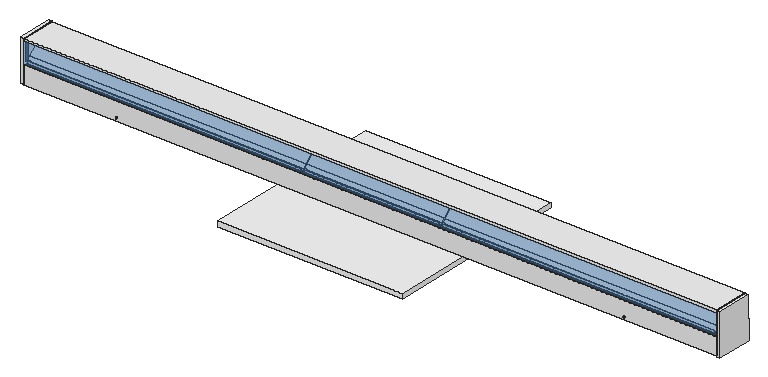
Revit family "BE_50807.1_de_DE", category Leuchten, Revit 2020 (continued)
Definition of nested family "BE_50807.1"
  Automatic sketch dimensions
    Extrusion 44 sketch curve to Extrusion 44 sketch curve = 0.739 mm  (x2)
    Extrusion 44 sketch curve to Extrusion 44 sketch curve = 27.233 mm
    Extrusion 45 sketch curve to Extrusion 45 sketch curve = 0.269 mm  (x2)
    Extrusion 45 sketch curve to Extrusion 45 sketch curve = 2.819 mm  (x2)
    Extrusion 45 sketch curve to Extrusion 45 sketch curve = 0 mm
    Extrusion 45 sketch curve to Extrusion 45 sketch curve = 0.739 mm  (x2)
    Extrusion 45 sketch curve to Extrusion 45 sketch curve = 27.233 mm
    Extrusion 46 sketch curve to Extrusion 46 sketch curve = 0.269 mm  (x2)
    Extrusion 46 sketch curve to Extrusion 46 sketch curve = 2.819 mm  (x2)
    Extrusion 46 sketch curve to Extrusion 46 sketch curve = 0 mm
    Extrusion 46 sketch curve to Extrusion 46 sketch curve = 0.739 mm  (x2)
    Extrusion 46 sketch curve to Extrusion 46 sketch curve = 27.233 mm
    Extrusion 47 sketch curve to Extrusion 47 sketch curve = 0.269 mm  (x2)
    Extrusion 47 sketch curve to Extrusion 47 sketch curve = 2.819 mm  (x2)
    Extrusion 47 sketch curve to Extrusion 47 sketch curve = 0 mm
    Extrusion 47 sketch curve to Extrusion 47 sketch curve = 0.739 mm  (x2)
    Extrusion 47 sketch curve to Extrusion 47 sketch curve = 27.233 mm
    Extrusion 48 sketch curve to Extrusion 48 sketch curve = 0.269 mm  (x2)
    Extrusion 48 sketch curve to Extrusion 48 sketch curve = 2.819 mm  (x2)
    Extrusion 48 sketch curve to Extrusion 48 sketch curve = 0 mm
    Extrusion 48 sketch curve to Extrusion 48 sketch curve = 0.739 mm  (x2)
    Extrusion 48 sketch curve to Extrusion 48 sketch curve = 27.233 mm
    Extrusion 49 sketch curve to Extrusion 49 sketch curve = 0.269 mm  (x2)
    Extrusion 49 sketch curve to Extrusion 49 sketch curve = 2.819 mm  (x2)
    Extrusion 49 sketch curve to Extrusion 49 sketch curve = 0 mm
    Extrusion 49 sketch curve to Extrusion 49 sketch curve = 0.739 mm  (x2)
    Extrusion 49 sketch curve to Extrusion 49 sketch curve = 27.233 mm
    Extrusion 50 sketch curve to Extrusion 50 sketch curve = 0.269 mm  (x2)
    Extrusion 50 sketch curve to Extrusion 50 sketch curve = 2.819 mm  (x2)
    Extrusion 50 sketch curve to Extrusion 50 sketch curve = 0 mm
    Extrusion 50 sketch curve to Extrusion 50 sketch curve = 0.739 mm  (x2)
    Extrusion 50 sketch curve to Extrusion 50 sketch curve = 27.233 mm
    Extrusion 51 sketch curve to Extrusion 51 sketch curve = 0.269 mm  (x2)
    Extrusion 51 sketch curve to Extrusion 51 sketch curve = 2.819 mm  (x2)
    Extrusion 51 sketch curve to Extrusion 51 sketch curve = 0 mm
    Extrusion 51 sketch curve to Extrusion 51 sketch curve = 0.739 mm  (x2)
    Extrusion 51 sketch curve to Extrusion 51 sketch curve = 27.233 mm
    Extrusion 52 sketch curve to Extrusion 52 sketch curve = 0.269 mm  (x2)
    Extrusion 52 sketch curve to Extrusion 52 sketch curve = 2.819 mm  (x2)
    Extrusion 52 sketch curve to Extrusion 52 sketch curve = 0 mm
    Extrusion 52 sketch curve to Extrusion 52 sketch curve = 0.739 mm  (x2)
    Extrusion 52 sketch curve to Extrusion 52 sketch curve = 27.233 mm
    Extrusion 53 sketch curve to Extrusion 53 sketch curve = 0.269 mm  (x2)
    Extrusion 53 sketch curve to Extrusion 53 sketch curve = 2.819 mm  (x2)
    Extrusion 53 sketch curve to Extrusion 53 sketch curve = 0 mm
    Extrusion 53 sketch curve to Extrusion 53 sketch curve = 0.739 mm  (x2)
    Extrusion 53 sketch curve to Extrusion 53 sketch curve = 27.233 mm
    Extrusion 54 sketch curve to Extrusion 54 sketch curve = 0.269 mm  (x2)
    Extrusion 54 sketch curve to Extrusion 54 sketch curve = 2.819 mm  (x2)
    Extrusion 54 sketch curve to Extrusion 54 sketch curve = 0 mm
    Extrusion 54 sketch curve to Extrusion 54 sketch curve = 0.739 mm  (x2)
    Extrusion 54 sketch curve to Extrusion 54 sketch curve = 27.233 mm
    Extrusion 55 sketch curve to Extrusion 55 sketch curve = 0.269 mm  (x2)
    Extrusion 55 sketch curve to Extrusion 55 sketch curve = 2.819 mm  (x2)
    Extrusion 55 sketch curve to Extrusion 55 sketch curve = 0 mm
    Extrusion 55 sketch curve to Extrusion 55 sketch curve = 0.739 mm  (x2)
    Extrusion 55 sketch curve to Extrusion 55 sketch curve = 27.233 mm
    Extrusion 56 sketch curve to Extrusion 56 sketch curve = 0.269 mm  (x2)
    Extrusion 56 sketch curve to Extrusion 56 sketch curve = 2.819 mm  (x2)
    Extrusion 56 sketch curve to Extrusion 56 sketch curve = 0 mm
    Extrusion 56 sketch curve to Extrusion 56 sketch curve = 0.739 mm  (x2)
    Extrusion 56 sketch curve to Extrusion 56 sketch curve = 27.233 mm
    Extrusion 57 sketch curve to Extrusion 57 sketch curve = 0.269 mm  (x2)
    Extrusion 57 sketch curve to Extrusion 57 sketch curve = 2.819 mm  (x2)
    Extrusion 57 sketch curve to Extrusion 57 sketch curve = 0 mm
    Extrusion 57 sketch curve to Extrusion 57 sketch curve = 0.739 mm  (x2)
    Extrusion 57 sketch curve to Extrusion 57 sketch curve = 27.233 mm
    Extrusion 58 sketch curve to Extrusion 58 sketch curve = 0.269 mm  (x2)
    Extrusion 58 sketch curve to Extrusion 58 sketch curve = 2.819 mm  (x2)
    Extrusion 58 sketch curve to Extrusion 58 sketch curve = 0 mm
    Extrusion 58 sketch curve to Extrusion 58 sketch curve = 0.739 mm  (x2)
    Extrusion 58 sketch curve to Extrusion 58 sketch curve = 27.233 mm
    Extrusion 59 sketch curve to Extrusion 59 sketch curve = 0.269 mm  (x2)
    Extrusion 59 sketch curve to Extrusion 59 sketch curve = 2.819 mm  (x2)
    Extrusion 59 sketch curve to Extrusion 59 sketch curve = 0 mm
    Extrusion 59 sketch curve to Extrusion 59 sketch curve = 0.739 mm  (x2)
    Extrusion 59 sketch curve to Extrusion 59 sketch curve = 27.233 mm
    Extrusion 60 sketch curve to Extrusion 60 sketch curve = 0.269 mm  (x2)
    Extrusion 60 sketch curve to Extrusion 60 sketch curve = 2.819 mm  (x2)
    Extrusion 60 sketch curve to Extrusion 60 sketch curve = 0 mm
    Extrusion 60 sketch curve to Extrusion 60 sketch curve = 0.739 mm  (x2)
    Extrusion 60 sketch curve to Extrusion 60 sketch curve = 27.233 mm
    Extrusion 61 sketch curve to Extrusion 61 sketch curve = 0.269 mm  (x2)
    Extrusion 61 sketch curve to Extrusion 61 sketch curve = 2.819 mm  (x2)
    Extrusion 61 sketch curve to Extrusion 61 sketch curve = 0 mm
    Extrusion 61 sketch curve to Extrusion 61 sketch curve = 0.739 mm  (x2)
    Extrusion 61 sketch curve to Extrusion 61 sketch curve = 27.233 mm
    Extrusion 62 sketch curve to Extrusion 62 sketch curve = 0.269 mm  (x2)
    Extrusion 62 sketch curve to Extrusion 62 sketch curve = 2.819 mm  (x2)
    Extrusion 62 sketch curve to Extrusion 62 sketch curve = 0 mm
    Extrusion 62 sketch curve to Extrusion 62 sketch curve = 0.739 mm  (x2)
    Extrusion 62 sketch curve to Extrusion 62 sketch curve = 27.233 mm
    Extrusion 63 sketch curve to Extrusion 63 sketch curve = 0.269 mm  (x2)
    Extrusion 63 sketch curve to Extrusion 63 sketch curve = 2.819 mm  (x2)
    Extrusion 63 sketch curve to Extrusion 63 sketch curve = 0 mm
    Extrusion 63 sketch curve to Extrusion 63 sketch curve = 0.739 mm  (x2)
    Extrusion 63 sketch curve to Extrusion 63 sketch curve = 27.233 mm
    Extrusion 64 sketch curve to Extrusion 64 sketch curve = 0.269 mm  (x2)
    Extrusion 64 sketch curve to Extrusion 64 sketch curve = 2.819 mm  (x2)
    Extrusion 64 sketch curve to Extrusion 64 sketch curve = 0 mm
    Extrusion 64 sketch curve to Extrusion 64 sketch curve = 0.739 mm  (x2)
    Extrusion 64 sketch curve to Extrusion 64 sketch curve = 27.233 mm
    Extrusion 65 sketch curve to Extrusion 65 sketch curve = 0.269 mm  (x2)
    Extrusion 65 sketch curve to Extrusion 65 sketch curve = 2.819 mm  (x2)
    Extrusion 65 sketch curve to Extrusion 65 sketch curve = 0 mm
    Extrusion 65 sketch curve to Extrusion 65 sketch curve = 0.739 mm  (x2)
    Extrusion 65 sketch curve to Extrusion 65 sketch curve = 27.233 mm
    Extrusion 66 sketch curve to Extrusion 66 sketch curve = 0.269 mm  (x2)
    Extrusion 66 sketch curve to Extrusion 66 sketch curve = 2.819 mm  (x2)
    Extrusion 66 sketch curve to Extrusion 66 sketch curve = 0 mm
    Extrusion 66 sketch curve to Extrusion 66 sketch curve = 0.739 mm  (x2)
    Extrusion 66 sketch curve to Extrusion 66 sketch curve = 27.233 mm
    Extrusion 67 sketch curve to Extrusion 67 sketch curve = 0.269 mm  (x2)
    Extrusion 67 sketch curve to Extrusion 67 sketch curve = 2.819 mm  (x2)
    Extrusion 67 sketch curve to Extrusion 67 sketch curve = 0 mm
    Extrusion 67 sketch curve to Extrusion 67 sketch curve = 0.739 mm  (x2)
    Extrusion 67 sketch curve to Extrusion 67 sketch curve = 27.233 mm
    Extrusion 68 sketch curve to Extrusion 68 sketch curve = 0.269 mm  (x2)
    Extrusion 68 sketch curve to Extrusion 68 sketch curve = 2.819 mm  (x2)
    Extrusion 68 sketch curve to Extrusion 68 sketch curve = 0 mm
    Extrusion 68 sketch curve to Extrusion 68 sketch curve = 0.739 mm  (x2)
    Extrusion 68 sketch curve to Extrusion 68 sketch curve = 27.233 mm
    Extrusion 69 sketch curve to Extrusion 69 sketch curve = 0.269 mm  (x2)
    Extrusion 69 sketch curve to Extrusion 69 sketch curve = 2.819 mm  (x2)
    Extrusion 69 sketch curve to Extrusion 69 sketch curve = 0 mm
    Extrusion 69 sketch curve to Extrusion 69 sketch curve = 0.739 mm  (x2)
    Extrusion 69 sketch curve to Extrusion 69 sketch curve = 27.233 mm
    Extrusion 70 sketch curve to Extrusion 70 sketch curve = 0.269 mm  (x2)
    Extrusion 70 sketch curve to Extrusion 70 sketch curve = 2.819 mm  (x2)
    Extrusion 70 sketch curve to Extrusion 70 sketch curve = 0 mm
    Extrusion 70 sketch curve to Extrusion 70 sketch curve = 0.739 mm  (x2)
    Extrusion 70 sketch curve to Extrusion 70 sketch curve = 27.233 mm
    Extrusion 71 sketch curve to Extrusion 71 sketch curve = 0.269 mm  (x2)
    Extrusion 71 sketch curve to Extrusion 71 sketch curve = 2.819 mm  (x2)
    Extrusion 71 sketch curve to Extrusion 71 sketch curve = 0 mm
    Extrusion 71 sketch curve to Extrusion 71 sketch curve = 0.739 mm  (x2)
    Extrusion 71 sketch curve to Extrusion 71 sketch curve = 27.233 mm
    Extrusion 72 sketch curve to Extrusion 72 sketch curve = 0.269 mm  (x2)
    Extrusion 72 sketch curve to Extrusion 72 sketch curve = 2.819 mm  (x2)
    Extrusion 72 sketch curve to Extrusion 72 sketch curve = 0 mm
    Extrusion 72 sketch curve to Extrusion 72 sketch curve = 0.739 mm  (x2)
    Extrusion 72 sketch curve to Extrusion 72 sketch curve = 27.233 mm
    Extrusion 73 sketch curve to Extrusion 73 sketch curve = 0.269 mm  (x2)
    Extrusion 73 sketch curve to Extrusion 73 sketch curve = 2.819 mm  (x2)
    Extrusion 73 sketch curve to Extrusion 73 sketch curve = 0 mm
    Extrusion 73 sketch curve to Extrusion 73 sketch curve = 0.739 mm  (x2)
    Extrusion 73 sketch curve to Extrusion 73 sketch curve = 27.233 mm
    Extrusion 74 sketch curve to Extrusion 74 sketch curve = 0.269 mm  (x2)
    Extrusion 74 sketch curve to Extrusion 74 sketch curve = 2.819 mm  (x2)
    Extrusion 74 sketch curve to Extrusion 74 sketch curve = 0 mm
    Extrusion 74 sketch curve to Extrusion 74 sketch curve = 0.739 mm  (x2)
    Extrusion 74 sketch curve to Extrusion 74 sketch curve = 27.233 mm
    Extrusion 75 sketch curve to Extrusion 75 sketch curve = 0.269 mm  (x2)
    Extrusion 75 sketch curve to Extrusion 75 sketch curve = 2.819 mm  (x2)
    Extrusion 75 sketch curve to Extrusion 75 sketch curve = 0 mm
    Extrusion 75 sketch curve to Extrusion 75 sketch curve = 0.739 mm  (x2)
    Extrusion 75 sketch curve to Extrusion 75 sketch curve = 27.233 mm
    Extrusion 76 sketch curve to Extrusion 76 sketch curve = 0.269 mm  (x2)
    Extrusion 76 sketch curve to Extrusion 76 sketch curve = 2.819 mm  (x2)
    Extrusion 76 sketch curve to Extrusion 76 sketch curve = 0 mm
    Extrusion 76 sketch curve to Extrusion 76 sketch curve = 0.739 mm  (x2)
    Extrusion 76 sketch curve to Extrusion 76 sketch curve = 27.233 mm
    Extrusion 77 sketch curve to Extrusion 77 sketch curve = 0.269 mm  (x2)
    Extrusion 77 sketch curve to Extrusion 77 sketch curve = 2.819 mm  (x2)
    Extrusion 77 sketch curve to Extrusion 77 sketch curve = 0 mm
    Extrusion 77 sketch curve to Extrusion 77 sketch curve = 0.739 mm  (x2)
    Extrusion 77 sketch curve to Extrusion 77 sketch curve = 27.233 mm
    Extrusion 78 sketch curve to Extrusion 78 sketch curve = 0.269 mm  (x2)
    Extrusion 78 sketch curve to Extrusion 78 sketch curve = 2.819 mm  (x2)
    Extrusion 78 sketch curve to Extrusion 78 sketch curve = 0 mm
    Extrusion 78 sketch curve to Extrusion 78 sketch curve = 0.739 mm  (x2)
    Extrusion 78 sketch curve to Extrusion 78 sketch curve = 27.233 mm
    Extrusion 79 sketch curve to Extrusion 79 sketch curve = 0.269 mm  (x2)
    Extrusion 79 sketch curve to Extrusion 79 sketch curve = 2.819 mm  (x2)
    Extrusion 79 sketch curve to Extrusion 79 sketch curve = 0 mm
    Extrusion 79 sketch curve to Extrusion 79 sketch curve = 0.739 mm  (x2)
    Extrusion 79 sketch curve to Extrusion 79 sketch curve = 27.233 mm
    Extrusion 80 sketch curve to Extrusion 80 sketch curve = 0.269 mm  (x2)
    Extrusion 80 sketch curve to Extrusion 80 sketch curve = 2.819 mm  (x2)
    Extrusion 80 sketch curve to Extrusion 80 sketch curve = 0 mm
    Extrusion 80 sketch curve to Extrusion 80 sketch curve = 0.739 mm  (x2)
    Extrusion 80 sketch curve to Extrusion 80 sketch curve = 27.233 mm
    Extrusion 81 sketch curve to Extrusion 81 sketch curve = 0.269 mm  (x2)
    Extrusion 81 sketch curve to Extrusion 81 sketch curve = 2.819 mm  (x2)
    Extrusion 81 sketch curve to Extrusion 81 sketch curve = 0 mm
    Extrusion 81 sketch curve to Extrusion 81 sketch curve = 0.739 mm  (x2)
    Extrusion 81 sketch curve to Extrusion 81 sketch curve = 27.233 mm
    Extrusion 82 sketch curve to Extrusion 82 sketch curve = 0.269 mm  (x2)
    Extrusion 82 sketch curve to Extrusion 82 sketch curve = 2.819 mm  (x2)
    Extrusion 82 sketch curve to Extrusion 82 sketch curve = 0 mm
    Extrusion 82 sketch curve to Extrusion 82 sketch curve = 0.739 mm  (x2)
    Extrusion 82 sketch curve to Extrusion 82 sketch curve = 27.233 mm
    Extrusion 83 sketch curve to Extrusion 83 sketch curve = 0.269 mm  (x2)
    Extrusion 83 sketch curve to Extrusion 83 sketch curve = 2.819 mm  (x2)
    Extrusion 83 sketch curve to Extrusion 83 sketch curve = 0 mm
    Extrusion 83 sketch curve to Extrusion 83 sketch curve = 0.739 mm  (x2)
    Extrusion 83 sketch curve to Extrusion 83 sketch curve = 27.233 mm
    Extrusion 84 sketch curve to Extrusion 84 sketch curve = 0.269 mm  (x2)
    Extrusion 84 sketch curve to Extrusion 84 sketch curve = 2.819 mm  (x2)
    Extrusion 84 sketch curve to Extrusion 84 sketch curve = 0 mm
    Extrusion 84 sketch curve to Extrusion 84 sketch curve = 0.739 mm  (x2)
    Extrusion 84 sketch curve to Extrusion 84 sketch curve = 27.233 mm
    Extrusion 85 sketch curve to Extrusion 85 sketch curve = 0.269 mm  (x2)
    Extrusion 85 sketch curve to Extrusion 85 sketch curve = 2.819 mm  (x2)
    Extrusion 85 sketch curve to Extrusion 85 sketch curve = 0 mm
    Extrusion 85 sketch curve to Extrusion 85 sketch curve = 0.739 mm  (x2)
    Extrusion 85 sketch curve to Extrusion 85 sketch curve = 27.233 mm
    Extrusion 86 sketch curve to Extrusion 86 sketch curve = 0.269 mm  (x2)
    Extrusion 86 sketch curve to Extrusion 86 sketch curve = 2.819 mm  (x2)
    Extrusion 86 sketch curve to Extrusion 86 sketch curve = 0 mm
    Extrusion 86 sketch curve to Extrusion 86 sketch curve = 0.739 mm  (x2)
    Extrusion 86 sketch curve to Extrusion 86 sketch curve = 27.233 mm
    Extrusion 87 sketch curve to Extrusion 87 sketch curve = 0.269 mm  (x2)
    Extrusion 87 sketch curve to Extrusion 87 sketch curve = 2.819 mm  (x2)
    Extrusion 87 sketch curve to Extrusion 87 sketch curve = 0 mm
    Extrusion 87 sketch curve to Extrusion 87 sketch curve = 0.739 mm  (x2)
    Extrusion 87 sketch curve to Extrusion 87 sketch curve = 27.233 mm
    Extrusion 88 sketch curve to Extrusion 88 sketch curve = 0.269 mm  (x2)
    Extrusion 88 sketch curve to Extrusion 88 sketch curve = 2.819 mm  (x2)
    Extrusion 88 sketch curve to Extrusion 88 sketch curve = 0 mm
    Extrusion 88 sketch curve to Extrusion 88 sketch curve = 0.739 mm  (x2)
    Extrusion 88 sketch curve to Extrusion 88 sketch curve = 27.233 mm
    Extrusion 89 sketch curve to Extrusion 89 sketch curve = 0.269 mm  (x2)
    Extrusion 89 sketch curve to Extrusion 89 sketch curve = 2.819 mm  (x2)
    Extrusion 89 sketch curve to Extrusion 89 sketch curve = 0 mm
    Extrusion 89 sketch curve to Extrusion 89 sketch curve = 0.739 mm  (x2)
    Extrusion 89 sketch curve to Extrusion 89 sketch curve = 27.233 mm
    Extrusion 90 sketch curve to Extrusion 90 sketch curve = 0.269 mm  (x2)
    Extrusion 90 sketch curve to Extrusion 90 sketch curve = 2.819 mm  (x2)
    Extrusion 90 sketch curve to Extrusion 90 sketch curve = 0 mm
    Extrusion 90 sketch curve to Extrusion 90 sketch curve = 0.739 mm  (x2)
    Extrusion 90 sketch curve to Extrusion 90 sketch curve = 27.233 mm
    Extrusion 91 sketch curve to Extrusion 91 sketch curve = 0.269 mm  (x2)
    Extrusion 91 sketch curve to Extrusion 91 sketch curve = 2.819 mm  (x2)
    Extrusion 91 sketch curve to Extrusion 91 sketch curve = 0 mm
    Extrusion 91 sketch curve to Extrusion 91 sketch curve = 0.739 mm  (x2)
    Extrusion 91 sketch curve to Extrusion 91 sketch curve = 27.233 mm
    Extrusion 92 sketch curve to Extrusion 92 sketch curve = 0.269 mm  (x2)
    Extrusion 92 sketch curve to Extrusion 92 sketch curve = 2.819 mm  (x2)
    Extrusion 92 sketch curve to Extrusion 92 sketch curve = 0 mm
    Extrusion 92 sketch curve to Extrusion 92 sketch curve = 0.739 mm  (x2)
    Extrusion 92 sketch curve to Extrusion 92 sketch curve = 27.233 mm
    Extrusion 93 sketch curve to Extrusion 93 sketch curve = 0.269 mm  (x2)
    Extrusion 93 sketch curve to Extrusion 93 sketch curve = 2.819 mm  (x2)
    Extrusion 93 sketch curve to Extrusion 93 sketch curve = 0 mm
    Extrusion 93 sketch curve to Extrusion 93 sketch curve = 0.739 mm  (x2)
    Extrusion 93 sketch curve to Extrusion 93 sketch curve = 27.233 mm
    Extrusion 94 sketch curve to Extrusion 94 sketch curve = 0.269 mm  (x2)
    Extrusion 94 sketch curve to Extrusion 94 sketch curve = 2.819 mm  (x2)
    Extrusion 94 sketch curve to Extrusion 94 sketch curve = 0 mm
    Extrusion 94 sketch curve to Extrusion 94 sketch curve = 0.739 mm  (x2)
    Extrusion 94 sketch curve to Extrusion 94 sketch curve = 27.233 mm
    Extrusion 95 sketch curve to Extrusion 95 sketch curve = 0.269 mm  (x2)
    Extrusion 95 sketch curve to Extrusion 95 sketch curve = 2.819 mm  (x2)
    Extrusion 95 sketch curve to Extrusion 95 sketch curve = 0 mm
    Extrusion 95 sketch curve to Extrusion 95 sketch curve = 0.739 mm  (x2)
    Extrusion 95 sketch curve to Extrusion 95 sketch curve = 27.233 mm
    Extrusion 96 sketch curve to Extrusion 96 sketch curve = 0.269 mm  (x2)
    Extrusion 96 sketch curve to Extrusion 96 sketch curve = 2.819 mm  (x2)
    Extrusion 96 sketch curve to Extrusion 96 sketch curve = 0 mm
    Extrusion 96 sketch curve to Extrusion 96 sketch curve = 0.739 mm  (x2)
    Extrusion 96 sketch curve to Extrusion 96 sketch curve = 27.233 mm
    Extrusion 97 sketch curve to Extrusion 97 sketch curve = 0.269 mm  (x2)
    Extrusion 97 sketch curve to Extrusion 97 sketch curve = 2.819 mm  (x2)
    Extrusion 97 sketch curve to Extrusion 97 sketch curve = 0 mm
    Extrusion 97 sketch curve to Extrusion 97 sketch curve = 0.739 mm  (x2)
    Extrusion 97 sketch curve to Extrusion 97 sketch curve = 27.233 mm
    Extrusion 98 sketch curve to Extrusion 98 sketch curve = 0.269 mm  (x2)
    Extrusion 98 sketch curve to Extrusion 98 sketch curve = 2.819 mm  (x2)
    Extrusion 98 sketch curve to Extrusion 98 sketch curve = 0 mm
    Extrusion 98 sketch curve to Extrusion 98 sketch curve = 0.739 mm  (x2)
    Extrusion 98 sketch curve to Extrusion 98 sketch curve = 27.233 mm
    Extrusion 99 sketch curve to Extrusion 99 sketch curve = 0.269 mm  (x2)
    Extrusion 99 sketch curve to Extrusion 99 sketch curve = 2.819 mm  (x2)
    Extrusion 99 sketch curve to Extrusion 99 sketch curve = 0 mm
    Extrusion 99 sketch curve to Extrusion 99 sketch curve = 0.739 mm  (x2)
    Extrusion 99 sketch curve to Extrusion 99 sketch curve = 27.233 mm
    Extrusion 100 sketch curve to Extrusion 100 sketch curve = 0.269 mm  (x2)
    Extrusion 100 sketch curve to Extrusion 100 sketch curve = 2.819 mm  (x2)
    Extrusion 100 sketch curve to Extrusion 100 sketch curve = 0 mm
    Extrusion 100 sketch curve to Extrusion 100 sketch curve = 0.739 mm  (x2)
    Extrusion 100 sketch curve to Extrusion 100 sketch curve = 27.233 mm
    Extrusion 101 sketch curve to Extrusion 101 sketch curve = 0.269 mm  (x2)
    Extrusion 101 sketch curve to Extrusion 101 sketch curve = 2.819 mm  (x2)
    Extrusion 101 sketch curve to Extrusion 101 sketch curve = 0 mm
    Extrusion 101 sketch curve to Extrusion 101 sketch curve = 0.739 mm  (x2)
    Extrusion 101 sketch curve to Extrusion 101 sketch curve = 27.233 mm
    Extrusion 102 sketch curve to Extrusion 102 sketch curve = 0.269 mm  (x2)
    Extrusion 102 sketch curve to Extrusion 102 sketch curve = 2.819 mm  (x2)
    Extrusion 102 sketch curve to Extrusion 102 sketch curve = 0 mm
    Extrusion 102 sketch curve to Extrusion 102 sketch curve = 0.739 mm  (x2)
    Extrusion 102 sketch curve to Extrusion 102 sketch curve = 27.233 mm
    Extrusion 103 sketch curve to Extrusion 103 sketch curve = 0.269 mm  (x2)
    Extrusion 103 sketch curve to Extrusion 103 sketch curve = 2.819 mm  (x2)
    Extrusion 103 sketch curve to Extrusion 103 sketch curve = 0 mm
    Extrusion 103 sketch curve to Extrusion 103 sketch curve = 0.739 mm  (x2)
    Extrusion 103 sketch curve to Extrusion 103 sketch curve = 27.233 mm
    Extrusion 104 sketch curve to Extrusion 104 sketch curve = 0.269 mm  (x2)
    Extrusion 104 sketch curve to Extrusion 104 sketch curve = 2.819 mm  (x2)
    Extrusion 104 sketch curve to Extrusion 104 sketch curve = 0 mm
    Extrusion 104 sketch curve to Extrusion 104 sketch curve = 0.739 mm  (x2)
    Extrusion 104 sketch curve to Extrusion 104 sketch curve = 27.233 mm
    Extrusion 105 sketch curve to Extrusion 105 sketch curve = 0.269 mm  (x2)
    Extrusion 105 sketch curve to Extrusion 105 sketch curve = 2.819 mm  (x2)
    Extrusion 105 sketch curve to Extrusion 105 sketch curve = 0 mm
    Extrusion 105 sketch curve to Extrusion 105 sketch curve = 0.739 mm  (x2)
    Extrusion 105 sketch curve to Extrusion 105 sketch curve = 27.233 mm
    Extrusion 106 sketch curve to Extrusion 106 sketch curve = 0.269 mm  (x2)
    Extrusion 106 sketch curve to Extrusion 106 sketch curve = 2.819 mm  (x2)
    Extrusion 106 sketch curve to Extrusion 106 sketch curve = 0 mm
    Extrusion 106 sketch curve to Extrusion 106 sketch curve = 0.739 mm  (x2)
    Extrusion 106 sketch curve to Extrusion 106 sketch curve = 27.233 mm
    Extrusion 107 sketch curve to Extrusion 107 sketch curve = 0.269 mm  (x2)
    Extrusion 107 sketch curve to Extrusion 107 sketch curve = 2.819 mm  (x2)
    Extrusion 107 sketch curve to Extrusion 107 sketch curve = 0 mm
    Extrusion 107 sketch curve to Extrusion 107 sketch curve = 0.739 mm  (x2)
    Extrusion 107 sketch curve to Extrusion 107 sketch curve = 27.233 mm
    Extrusion 108 sketch curve to Extrusion 108 sketch curve = 0.269 mm  (x2)
    Extrusion 108 sketch curve to Extrusion 108 sketch curve = 2.819 mm  (x2)
    Extrusion 108 sketch curve to Extrusion 108 sketch curve = 0 mm
    Extrusion 108 sketch curve to Extrusion 108 sketch curve = 0.739 mm  (x2)
    Extrusion 108 sketch curve to Extrusion 108 sketch curve = 27.233 mm
    Extrusion 109 sketch curve to Extrusion 109 sketch curve = 0.269 mm  (x2)
    Extrusion 109 sketch curve to Extrusion 109 sketch curve = 2.819 mm  (x2)
    Extrusion 109 sketch curve to Extrusion 109 sketch curve = 0 mm
    Extrusion 109 sketch curve to Extrusion 109 sketch curve = 0.739 mm  (x2)
    Extrusion 109 sketch curve to Extrusion 109 sketch curve = 27.233 mm
    Extrusion 110 sketch curve to Extrusion 110 sketch curve = 0.269 mm  (x2)
    Extrusion 110 sketch curve to Extrusion 110 sketch curve = 2.819 mm  (x2)
    Extrusion 110 sketch curve to Extrusion 110 sketch curve = 0 mm
    Extrusion 110 sketch curve to Extrusion 110 sketch curve = 0.739 mm  (x2)
    Extrusion 110 sketch curve to Extrusion 110 sketch curve = 27.233 mm
    Extrusion 111 sketch curve to Extrusion 111 sketch curve = 0.269 mm  (x2)
    Extrusion 111 sketch curve to Extrusion 111 sketch curve = 2.819 mm  (x2)
    Extrusion 111 sketch curve to Extrusion 111 sketch curve = 0 mm
    Extrusion 111 sketch curve to Extrusion 111 sketch curve = 0.739 mm  (x2)
    Extrusion 111 sketch curve to Extrusion 111 sketch curve = 27.233 mm
    Extrusion 112 sketch curve to Extrusion 112 sketch curve = 0.269 mm  (x2)
    Extrusion 112 sketch curve to Extrusion 112 sketch curve = 2.819 mm  (x2)
    Extrusion 112 sketch curve to Extrusion 112 sketch curve = 0 mm
    Extrusion 112 sketch curve to Extrusion 112 sketch curve = 0.739 mm  (x2)
    Extrusion 112 sketch curve to Extrusion 112 sketch curve = 27.233 mm
    Extrusion 113 sketch curve to Extrusion 113 sketch curve = 0.269 mm  (x2)
    Extrusion 113 sketch curve to Extrusion 113 sketch curve = 2.819 mm  (x2)
    Extrusion 113 sketch curve to Extrusion 113 sketch curve = 0 mm
    Extrusion 113 sketch curve to Extrusion 113 sketch curve = 0.739 mm  (x2)
    Extrusion 113 sketch curve to Extrusion 113 sketch curve = 27.233 mm
    Extrusion 114 sketch curve to Extrusion 114 sketch curve = 0.269 mm  (x2)
    Extrusion 114 sketch curve to Extrusion 114 sketch curve = 2.819 mm  (x2)
    Extrusion 114 sketch curve to Extrusion 114 sketch curve = 0 mm
    Extrusion 114 sketch curve to Extrusion 114 sketch curve = 0.739 mm  (x2)
    Extrusion 114 sketch curve to Extrusion 114 sketch curve = 27.233 mm
    Extrusion 115 sketch curve to Extrusion 115 sketch curve = 0.269 mm  (x2)
    Extrusion 115 sketch curve to Extrusion 115 sketch curve = 2.819 mm  (x2)
    Extrusion 115 sketch curve to Extrusion 115 sketch curve = 0 mm
    Extrusion 115 sketch curve to Extrusion 115 sketch curve = 0.739 mm  (x2)
    Extrusion 115 sketch curve to Extrusion 115 sketch curve = 27.233 mm
    Extrusion 116 sketch curve to Extrusion 116 sketch curve = 0.269 mm  (x2)
    Extrusion 116 sketch curve to Extrusion 116 sketch curve = 2.819 mm  (x2)
    Extrusion 116 sketch curve to Extrusion 116 sketch curve = 0 mm
    Extrusion 116 sketch curve to Extrusion 116 sketch curve = 0.739 mm  (x2)
    Extrusion 116 sketch curve to Extrusion 116 sketch curve = 27.233 mm
    Extrusion 117 sketch curve to Extrusion 117 sketch curve = 0.269 mm  (x2)
    Extrusion 117 sketch curve to Extrusion 117 sketch curve = 2.819 mm  (x2)
    Extrusion 117 sketch curve to Extrusion 117 sketch curve = 0 mm
    Extrusion 117 sketch curve to Extrusion 117 sketch curve = 0.739 mm  (x2)
    Extrusion 117 sketch curve to Extrusion 117 sketch curve = 27.233 mm
    Extrusion 118 sketch curve to Extrusion 118 sketch curve = 0.269 mm  (x2)
    Extrusion 118 sketch curve to Extrusion 118 sketch curve = 2.819 mm  (x2)
    Extrusion 118 sketch curve to Extrusion 118 sketch curve = 0 mm
    Extrusion 118 sketch curve to Extrusion 118 sketch curve = 0.739 mm  (x2)
    Extrusion 118 sketch curve to Extrusion 118 sketch curve = 27.233 mm
    Extrusion 119 sketch curve to Extrusion 119 sketch curve = 0.269 mm  (x2)
    Extrusion 119 sketch curve to Extrusion 119 sketch curve = 2.819 mm  (x2)
    Extrusion 119 sketch curve to Extrusion 119 sketch curve = 0 mm
    Extrusion 119 sketch curve to Extrusion 119 sketch curve = 0.739 mm  (x2)
    Extrusion 119 sketch curve to Extrusion 119 sketch curve = 27.233 mm
    Extrusion 120 sketch curve to Extrusion 120 sketch curve = 0.269 mm  (x2)
    Extrusion 120 sketch curve to Extrusion 120 sketch curve = 2.819 mm  (x2)
    Extrusion 120 sketch curve to Extrusion 120 sketch curve = 0 mm
    Extrusion 120 sketch curve to Extrusion 120 sketch curve = 0.739 mm  (x2)
    Extrusion 120 sketch curve to Extrusion 120 sketch curve = 27.233 mm
    Extrusion 121 sketch curve to Extrusion 121 sketch curve = 0.269 mm  (x2)
    Extrusion 121 sketch curve to Extrusion 121 sketch curve = 2.819 mm  (x2)
    Extrusion 121 sketch curve to Extrusion 121 sketch curve = 0 mm
    Extrusion 121 sketch curve to Extrusion 121 sketch curve = 0.739 mm  (x2)
    Extrusion 121 sketch curve to Extrusion 121 sketch curve = 27.233 mm
    Extrusion 122 sketch curve to Extrusion 122 sketch curve = 0.269 mm  (x2)
    Extrusion 122 sketch curve to Extrusion 122 sketch curve = 2.819 mm  (x2)
    Extrusion 122 sketch curve to Extrusion 122 sketch curve = 0 mm
    Extrusion 122 sketch curve to Extrusion 122 sketch curve = 0.739 mm  (x2)
    Extrusion 122 sketch curve to Extrusion 122 sketch curve = 27.233 mm
    Extrusion 123 sketch curve to Extrusion 123 sketch curve = 0.269 mm  (x2)
    Extrusion 123 sketch curve to Extrusion 123 sketch curve = 2.819 mm  (x2)
    Extrusion 123 sketch curve to Extrusion 123 sketch curve = 0 mm
    Extrusion 123 sketch curve to Extrusion 123 sketch curve = 0.739 mm  (x2)
    Extrusion 123 sketch curve to Extrusion 123 sketch curve = 27.233 mm
    Extrusion 124 sketch curve to Extrusion 124 sketch curve = 0.269 mm  (x2)
    Extrusion 124 sketch curve to Extrusion 124 sketch curve = 2.819 mm  (x2)
    Extrusion 124 sketch curve to Extrusion 124 sketch curve = 0 mm
    Extrusion 124 sketch curve to Extrusion 124 sketch curve = 0.739 mm  (x2)
    Extrusion 124 sketch curve to Extrusion 124 sketch curve = 27.233 mm
    Extrusion 125 sketch curve to Extrusion 125 sketch curve = 0.269 mm  (x2)
    Extrusion 125 sketch curve to Extrusion 125 sketch curve = 2.819 mm  (x2)
    Extrusion 125 sketch curve to Extrusion 125 sketch curve = 0 mm
    Extrusion 125 sketch curve to Extrusion 125 sketch curve = 0.739 mm  (x2)
    Extrusion 125 sketch curve to Extrusion 125 sketch curve = 27.233 mm
    Extrusion 126 sketch curve to Extrusion 126 sketch curve = 0.269 mm  (x2)
    Extrusion 126 sketch curve to Extrusion 126 sketch curve = 2.819 mm  (x2)
    Extrusion 126 sketch curve to Extrusion 126 sketch curve = 0 mm
    Extrusion 126 sketch curve to Extrusion 126 sketch curve = 0.739 mm  (x2)
    Extrusion 126 sketch curve to Extrusion 126 sketch curve = 27.233 mm
    Extrusion 127 sketch curve to Extrusion 127 sketch curve = 0.269 mm  (x2)
    Extrusion 127 sketch curve to Extrusion 127 sketch curve = 2.819 mm  (x2)
    Extrusion 127 sketch curve to Extrusion 127 sketch curve = 0 mm
    Extrusion 127 sketch curve to Extrusion 127 sketch curve = 0.739 mm  (x2)
    Extrusion 127 sketch curve to Extrusion 127 sketch curve = 27.233 mm
    Extrusion 128 sketch curve to Extrusion 128 sketch curve = 0.269 mm  (x2)
    Extrusion 128 sketch curve to Extrusion 128 sketch curve = 2.819 mm  (x2)
    Extrusion 128 sketch curve to Extrusion 128 sketch curve = 0 mm
    Extrusion 128 sketch curve to Extrusion 128 sketch curve = 0.739 mm  (x2)
    Extrusion 128 sketch curve to Extrusion 128 sketch curve = 27.233 mm
    Extrusion 129 sketch curve to Extrusion 129 sketch curve = 0.269 mm  (x2)
    Extrusion 129 sketch curve to Extrusion 129 sketch curve = 2.819 mm  (x2)
    Extrusion 129 sketch curve to Extrusion 129 sketch curve = 0 mm
    Extrusion 129 sketch curve to Extrusion 129 sketch curve = 0.739 mm  (x2)
    Extrusion 129 sketch curve to Extrusion 129 sketch curve = 27.233 mm
    Extrusion 130 sketch curve to Extrusion 130 sketch curve = 0.269 mm  (x2)
    Extrusion 130 sketch curve to Extrusion 130 sketch curve = 2.819 mm  (x2)
    Extrusion 130 sketch curve to Extrusion 130 sketch curve = 0 mm
    Extrusion 130 sketch curve to Extrusion 130 sketch curve = 0.739 mm  (x2)
    Extrusion 130 sketch curve to Extrusion 130 sketch curve = 27.233 mm
    Extrusion 131 sketch curve to Extrusion 131 sketch curve = 0.269 mm  (x2)
    Extrusion 131 sketch curve to Extrusion 131 sketch curve = 2.819 mm  (x2)
    Extrusion 131 sketch curve to Extrusion 131 sketch curve = 0 mm
    Extrusion 131 sketch curve to Extrusion 131 sketch curve = 0.739 mm  (x2)
    Extrusion 131 sketch curve to Extrusion 131 sketch curve = 27.233 mm
    Extrusion 132 sketch curve to Extrusion 132 sketch curve = 0.269 mm  (x2)
    Extrusion 132 sketch curve to Extrusion 132 sketch curve = 2.819 mm  (x2)
    Extrusion 132 sketch curve to Extrusion 132 sketch curve = 0 mm
    Extrusion 132 sketch curve to Extrusion 132 sketch curve = 0.739 mm  (x2)
    Extrusion 132 sketch curve to Extrusion 132 sketch curve = 27.233 mm
    Extrusion 133 sketch curve to Extrusion 133 sketch curve = 0.269 mm  (x2)
    Extrusion 133 sketch curve to Extrusion 133 sketch curve = 2.819 mm  (x2)
    Extrusion 133 sketch curve to Extrusion 133 sketch curve = 0 mm
    Extrusion 133 sketch curve to Extrusion 133 sketch curve = 0.739 mm  (x2)
    Extrusion 133 sketch curve to Extrusion 133 sketch curve = 27.233 mm
    Extrusion 134 sketch curve to Extrusion 134 sketch curve = 0.269 mm  (x2)
    Extrusion 134 sketch curve to Extrusion 134 sketch curve = 2.819 mm  (x2)
    Extrusion 134 sketch curve to Extrusion 134 sketch curve = 0 mm
    Extrusion 134 sketch curve to Extrusion 134 sketch curve = 0.739 mm  (x2)
    Extrusion 134 sketch curve to Extrusion 134 sketch curve = 27.233 mm
    Extrusion 135 sketch curve to Extrusion 135 sketch curve = 0.269 mm  (x2)
    Extrusion 135 sketch curve to Extrusion 135 sketch curve = 2.819 mm  (x2)
    Extrusion 135 sketch curve to Extrusion 135 sketch curve = 0 mm
    Extrusion 135 sketch curve to Extrusion 135 sketch curve = 0.739 mm  (x2)
    Extrusion 135 sketch curve to Extrusion 135 sketch curve = 27.233 mm
    plane 1 "Mitte (Oben/Unten)" to Extrusion 2 sketch curve = 37.965 mm  (x2)
    Extrusion 2 sketch curve to Extrusion 2 sketch curve = 2 mm  (x4)
    level to Extrusion 2 sketch curve = 0.509 mm  (x2)
    Extrusion 2 sketch curve to Extrusion 2 sketch curve = 3 mm  (x2)
    Extrusion 2 sketch curve to Extrusion 2 sketch curve = 1.6 mm  (x4)
    Extrusion 2 sketch curve to Extrusion 2 sketch curve = 2.9 mm  (x4)
    Extrusion 2 sketch curve to Extrusion 2 sketch curve = 3.5 mm  (x2)
    Extrusion 2 sketch curve to Extrusion 2 sketch curve = 0.7 mm
    Extrusion 2 sketch curve to Extrusion 2 sketch curve = 0.89 mm  (x3)
    Extrusion 2 sketch curve to Extrusion 2 sketch curve = 0.3 mm
    Extrusion 2 sketch curve to Extrusion 2 sketch curve = 1.603 mm
    Extrusion 2 sketch curve to Extrusion 2 sketch curve = 5.583 mm
    Extrusion 2 sketch curve to Extrusion 2 sketch curve = 1.567 mm
    Extrusion 2 sketch curve to Extrusion 2 sketch curve = 8.863 mm
    plane 1 "Mitte (Oben/Unten)" to Extrusion 2 sketch curve = 8.465 mm
    plane 1 "Mitte (Oben/Unten)" to Extrusion 2 sketch curve = 7.965 mm
    Extrusion 2 sketch curve to Extrusion 2 sketch curve = 1.505 mm
    plane 1 "Mitte (Oben/Unten)" to Extrusion 2 sketch curve = 4.565 mm
    Extrusion 2 sketch curve to Extrusion 2 sketch curve = 1.513 mm
    plane 1 "Mitte (Oben/Unten)" to Extrusion 2 sketch curve = 2.965 mm
    plane 1 "Mitte (Oben/Unten)" to Extrusion 2 sketch curve = 1.615 mm
    Extrusion 2 sketch curve to plane 1 "Mitte (Oben/Unten)" = 1.685 mm
    Extrusion 2 sketch curve to plane 1 "Mitte (Oben/Unten)" = 3.035 mm
    Extrusion 2 sketch curve to Extrusion 2 sketch curve = 1.106 mm
    Extrusion 2 sketch curve to Extrusion 2 sketch curve = 2.95 mm
    Extrusion 2 sketch curve to Extrusion 2 sketch curve = 0.604 mm
    Extrusion 2 sketch curve to Extrusion 2 sketch curve = 5 mm
    Extrusion 2 sketch curve to Extrusion 2 sketch curve = 16.434 mm
    Extrusion 2 sketch curve to Extrusion 2 sketch curve = 18.738 mm
    Extrusion 2 sketch curve to Extrusion 2 sketch curve = 2.518 mm
    Extrusion 2 sketch curve to Extrusion 2 sketch curve = 8.733 mm
    Extrusion 2 sketch curve to Extrusion 2 sketch curve = 0.733 mm
    Extrusion 2 sketch curve to Extrusion 2 sketch curve = 0.82 mm
    Extrusion 2 sketch curve to Extrusion 2 sketch curve = 0.302 mm
    Extrusion 2 sketch curve to Extrusion 2 sketch curve = 1 mm  (x3)
    Extrusion 2 sketch curve to Extrusion 2 sketch curve = 1.733 mm
    level to Extrusion 2 sketch curve = 2.5 mm  (x2)
    level to Extrusion 2 sketch curve = 12.532 mm
    Extrusion 2 sketch curve to Extrusion 2 sketch curve = 0 mm  (x7)
    Extrusion 2 sketch curve to Extrusion 2 sketch curve = 4.645 mm
    level to Extrusion 2 sketch curve = 0.499 mm  (x2)
    Extrusion 2 sketch curve to Extrusion 2 sketch curve = 4.068 mm
    Extrusion 2 sketch curve to Extrusion 2 sketch curve = 1.732 mm
    Extrusion 2 sketch curve to Extrusion 2 sketch curve = 2.5 mm
    Extrusion 2 sketch curve to Extrusion 2 sketch curve = 31.467 mm
    Extrusion 2 sketch curve to Extrusion 2 sketch curve = 21.435 mm
    Extrusion 2 sketch curve to Extrusion 2 sketch curve = 0.025 mm
    Extrusion 2 sketch curve to Extrusion 2 sketch curve = 2.275 mm  (x2)
    Extrusion 2 sketch curve to Extrusion 2 sketch curve = 0.035 mm  (x3)
    Extrusion 2 sketch curve to Extrusion 2 sketch curve = 0.036 mm
    Extrusion 2 sketch curve to Extrusion 2 sketch curve = 4.033 mm
    Extrusion 2 sketch curve to Extrusion 2 sketch curve = 3.079 mm
    Extrusion 2 sketch curve to Extrusion 2 sketch curve = 3.217 mm
    Extrusion 2 sketch curve to Extrusion 2 sketch curve = 1.004 mm  (x2)
    Extrusion 2 sketch curve to Extrusion 2 sketch curve = 0.062 mm  (x2)
    Extrusion 2 sketch curve to Extrusion 2 sketch curve = 1.751 mm
    Extrusion 2 sketch curve to Extrusion 2 sketch curve = 1.75 mm
    Extrusion 2 sketch curve to Extrusion 2 sketch curve = 1.804 mm  (x2)
    Extrusion 2 sketch curve to Extrusion 2 sketch curve = 0.165 mm  (x2)
    Extrusion 2 sketch curve to Extrusion 2 sketch curve = 1.714 mm  (x2)
    Extrusion 2 sketch curve to Extrusion 2 sketch curve = 0.417 mm
    Extrusion 2 sketch curve to Extrusion 2 sketch curve = 0.546 mm
    Extrusion 2 sketch curve to Extrusion 2 sketch curve = 3.4 mm
    Extrusion 2 sketch curve to Extrusion 2 sketch curve = 4.6 mm
    Extrusion 2 sketch curve to Extrusion 2 sketch curve = 1.798 mm
    Extrusion 2 sketch curve to Extrusion 2 sketch curve = 25.437 mm
    Extrusion 2 sketch curve to Extrusion 2 sketch curve = 0.172 mm
    Extrusion 2 sketch curve to Extrusion 2 sketch curve = 5.992 mm
    Extrusion 2 sketch curve to Extrusion 2 sketch curve = 5.824 mm
    Extrusion 2 sketch curve to Extrusion 2 sketch curve = 0.004 mm
    Extrusion 2 sketch curve to Extrusion 2 sketch curve = 0.001 mm
    Extrusion 2 sketch curve to Extrusion 2 sketch curve = 0.002 mm
    Extrusion 2 sketch curve to Extrusion 2 sketch curve = 0.005 mm
    Extrusion 2 sketch curve to Extrusion 2 sketch curve = 0.066 mm
    Extrusion 2 sketch curve to Extrusion 2 sketch curve = 0.003 mm  (x2)
    Extrusion 2 sketch curve to Extrusion 2 sketch curve = 1.705 mm
    Extrusion 2 sketch curve to Extrusion 2 sketch curve = 1.8 mm
    Extrusion 2 sketch curve to Extrusion 2 sketch curve = 0.089 mm
    Extrusion 2 sketch curve to Extrusion 2 sketch curve = 1.766 mm  (x2)
    Extrusion 2 sketch curve to Extrusion 2 sketch curve = 3.231 mm
    Extrusion 2 sketch curve to Extrusion 2 sketch curve = 1.896 mm
    plane 1 "Mitte (Oben/Unten)" to Extrusion 3 sketch curve = 31.5 mm
    Extrusion 3 sketch curve to Extrusion 3 sketch curve = 0.554 mm
    Extrusion 3 sketch curve to Extrusion 3 sketch curve = 0.75 mm  (x6)
    Extrusion 3 sketch curve to Extrusion 3 sketch curve = 7.427 mm
    plane 1 "Mitte (Oben/Unten)" to Extrusion 3 sketch curve = 5.6 mm
    Extrusion 3 sketch curve to plane 1 "Mitte (Oben/Unten)" = 4.85 mm
    Extrusion 3 sketch curve to plane 1 "Mitte (Oben/Unten)" = 23.519 mm
    Extrusion 3 sketch curve to Extrusion 3 sketch curve = 6.481 mm
    Extrusion 3 sketch curve to Extrusion 3 sketch curve = 0.196 mm
    level to Extrusion 3 sketch curve = 38.273 mm  (x2)
    Extrusion 3 sketch curve to Extrusion 3 sketch curve = 0.506 mm  (x2)
    Extrusion 3 sketch curve to Extrusion 3 sketch curve = 4.947 mm  (x2)
    Extrusion 3 sketch curve to Extrusion 3 sketch curve = 0.353 mm  (x2)
    Extrusion 3 sketch curve to Extrusion 3 sketch curve = 6.136 mm  (x2)
    Extrusion 3 sketch curve to Extrusion 3 sketch curve = 29.446 mm
    Extrusion 3 sketch curve to Extrusion 3 sketch curve = 0 mm  (x3)
    Extrusion 3 sketch curve to Extrusion 3 sketch curve = 4.762 mm  (x2)
    Extrusion 3 sketch curve to Extrusion 3 sketch curve = 0.565 mm  (x2)
    plane 1 "Mitte (Oben/Unten)" to Extrusion 4 sketch curve = 31.5 mm
    Extrusion 4 sketch curve to Extrusion 4 sketch curve = 0.554 mm
    Extrusion 4 sketch curve to Extrusion 4 sketch curve = 0.75 mm  (x6)
    Extrusion 4 sketch curve to Extrusion 4 sketch curve = 7.427 mm
    plane 1 "Mitte (Oben/Unten)" to Extrusion 4 sketch curve = 5.6 mm
    Extrusion 4 sketch curve to plane 1 "Mitte (Oben/Unten)" = 4.85 mm
    Extrusion 4 sketch curve to plane 1 "Mitte (Oben/Unten)" = 23.519 mm
    Extrusion 4 sketch curve to Extrusion 4 sketch curve = 6.481 mm
    Extrusion 4 sketch curve to Extrusion 4 sketch curve = 0.196 mm
    level to Extrusion 4 sketch curve = 85.8 mm
    Extrusion 4 sketch curve to Extrusion 4 sketch curve = 0 mm  (x3)
    Extrusion 4 sketch curve to Extrusion 4 sketch curve = 0.565 mm  (x2)
    Extrusion 4 sketch curve to Extrusion 4 sketch curve = 4.762 mm  (x2)
    Extrusion 4 sketch curve to Extrusion 4 sketch curve = 29.446 mm  (x2)
    Extrusion 4 sketch curve to Extrusion 4 sketch curve = 6.136 mm  (x2)
    Extrusion 4 sketch curve to Extrusion 4 sketch curve = 0.353 mm  (x2)
    Extrusion 4 sketch curve to Extrusion 4 sketch curve = 4.947 mm  (x2)
    Extrusion 4 sketch curve to Extrusion 4 sketch curve = 0.506 mm  (x2)
    plane 1 "Mitte (Oben/Unten)" to Extrusion 5 sketch curve = 31.5 mm
    Extrusion 5 sketch curve to Extrusion 5 sketch curve = 0.554 mm
    Extrusion 5 sketch curve to Extrusion 5 sketch curve = 0.75 mm  (x6)
    Extrusion 5 sketch curve to Extrusion 5 sketch curve = 7.427 mm
    plane 1 "Mitte (Oben/Unten)" to Extrusion 5 sketch curve = 5.6 mm
    Extrusion 5 sketch curve to plane 1 "Mitte (Oben/Unten)" = 4.85 mm
    Extrusion 5 sketch curve to plane 1 "Mitte (Oben/Unten)" = 23.519 mm
    Extrusion 5 sketch curve to Extrusion 5 sketch curve = 6.481 mm
    Extrusion 5 sketch curve to Extrusion 5 sketch curve = 0.196 mm
    level to Extrusion 5 sketch curve = 85.8 mm
    Extrusion 5 sketch curve to Extrusion 5 sketch curve = 0 mm  (x3)
    Extrusion 5 sketch curve to Extrusion 5 sketch curve = 0.565 mm  (x2)
    Extrusion 5 sketch curve to Extrusion 5 sketch curve = 4.762 mm  (x2)
    Extrusion 5 sketch curve to Extrusion 5 sketch curve = 29.446 mm  (x2)
    Extrusion 5 sketch curve to Extrusion 5 sketch curve = 6.136 mm  (x2)
    Extrusion 5 sketch curve to Extrusion 5 sketch curve = 0.353 mm  (x2)
    Extrusion 5 sketch curve to Extrusion 5 sketch curve = 4.947 mm  (x2)
    Extrusion 5 sketch curve to Extrusion 5 sketch curve = 0.506 mm  (x2)
    plane 1 "Mitte (Oben/Unten)" to Extrusion 6 sketch curve = 37.5 mm
    plane 1 "Mitte (Oben/Unten)" to Extrusion 6 sketch curve = 37.4 mm
    Extrusion 6 sketch curve to Extrusion 6 sketch curve = 1.6 mm  (x2)
    Extrusion 6 sketch curve to Extrusion 6 sketch curve = 1.5 mm  (x5)
    Extrusion 6 sketch curve to plane 1 "Mitte (Oben/Unten)" = 34.4 mm
    level to Extrusion 6 sketch curve = 37.6 mm  (x2)
    Extrusion 6 sketch curve to Extrusion 6 sketch curve = 1.55 mm  (x4)
    Extrusion 6 sketch curve to Extrusion 6 sketch curve = 45.7 mm  (x2)
    plane 1 "Mitte (Oben/Unten)" to Extrusion 7 sketch curve = 27.289 mm
    Extrusion 7 sketch curve to Extrusion 7 sketch curve = 0.53 mm  (x4)
    plane 1 "Mitte (Oben/Unten)" to Extrusion 7 sketch curve = 8.965 mm
    Extrusion 7 sketch curve to plane 1 "Mitte (Oben/Unten)" = 8.435 mm
    Extrusion 7 sketch curve to Extrusion 7 sketch curve = 18.324 mm
    level to Extrusion 7 sketch curve = 76.695 mm
    Extrusion 7 sketch curve to Extrusion 7 sketch curve = 0 mm
    Extrusion 7 sketch curve to Extrusion 7 sketch curve = 1.456 mm  (x2)
    Extrusion 7 sketch curve to Extrusion 7 sketch curve = 6.669 mm  (x2)
    Extrusion 7 sketch curve to Extrusion 7 sketch curve = 1.457 mm  (x2)
    plane 1 "Mitte (Oben/Unten)" to Extrusion 8 sketch curve = 27.289 mm
    Extrusion 8 sketch curve to Extrusion 8 sketch curve = 0.53 mm  (x4)
    plane 1 "Mitte (Oben/Unten)" to Extrusion 8 sketch curve = 8.965 mm
    Extrusion 8 sketch curve to plane 1 "Mitte (Oben/Unten)" = 8.435 mm
    Extrusion 8 sketch curve to Extrusion 8 sketch curve = 18.324 mm
    level to Extrusion 8 sketch curve = 76.695 mm
    Extrusion 8 sketch curve to Extrusion 8 sketch curve = 0 mm
    Extrusion 8 sketch curve to Extrusion 8 sketch curve = 1.456 mm  (x2)
    Extrusion 8 sketch curve to Extrusion 8 sketch curve = 6.669 mm  (x2)
    Extrusion 8 sketch curve to Extrusion 8 sketch curve = 1.457 mm  (x2)
    plane 1 "Mitte (Oben/Unten)" to Extrusion 9 sketch curve = 27.289 mm
    Extrusion 9 sketch curve to Extrusion 9 sketch curve = 0.53 mm  (x4)
    plane 1 "Mitte (Oben/Unten)" to Extrusion 9 sketch curve = 8.965 mm
    Extrusion 9 sketch curve to plane 1 "Mitte (Oben/Unten)" = 8.435 mm
    Extrusion 9 sketch curve to Extrusion 9 sketch curve = 18.324 mm
    level to Extrusion 9 sketch curve = 76.695 mm
    Extrusion 9 sketch curve to Extrusion 9 sketch curve = 0 mm
    Extrusion 9 sketch curve to Extrusion 9 sketch curve = 1.456 mm  (x2)
    Extrusion 9 sketch curve to Extrusion 9 sketch curve = 6.669 mm  (x2)
    Extrusion 9 sketch curve to Extrusion 9 sketch curve = 1.457 mm  (x2)
    plane 1 "Mitte (Oben/Unten)" to Extrusion 10 sketch curve = 27.289 mm
    Extrusion 10 sketch curve to Extrusion 10 sketch curve = 0.53 mm  (x4)
    plane 1 "Mitte (Oben/Unten)" to Extrusion 10 sketch curve = 8.965 mm
    Extrusion 10 sketch curve to plane 1 "Mitte (Oben/Unten)" = 8.435 mm
    Extrusion 10 sketch curve to Extrusion 10 sketch curve = 18.324 mm
    level to Extrusion 10 sketch curve = 84.821 mm
    Extrusion 10 sketch curve to Extrusion 10 sketch curve = 0 mm  (x2)
    Extrusion 10 sketch curve to Extrusion 10 sketch curve = 1.457 mm  (x2)
    Extrusion 10 sketch curve to Extrusion 10 sketch curve = 6.669 mm
    Extrusion 10 sketch curve to Extrusion 10 sketch curve = 1.456 mm  (x2)
    plane 1 "Mitte (Oben/Unten)" to Extrusion 11 sketch curve = 27.289 mm
    Extrusion 11 sketch curve to Extrusion 11 sketch curve = 0.53 mm  (x4)
    plane 1 "Mitte (Oben/Unten)" to Extrusion 11 sketch curve = 8.965 mm
    Extrusion 11 sketch curve to plane 1 "Mitte (Oben/Unten)" = 8.435 mm
    Extrusion 11 sketch curve to Extrusion 11 sketch curve = 18.324 mm
    level to Extrusion 11 sketch curve = 84.821 mm
    Extrusion 11 sketch curve to Extrusion 11 sketch curve = 0 mm  (x2)
    Extrusion 11 sketch curve to Extrusion 11 sketch curve = 1.457 mm  (x2)
    Extrusion 11 sketch curve to Extrusion 11 sketch curve = 6.669 mm
    Extrusion 11 sketch curve to Extrusion 11 sketch curve = 1.456 mm  (x2)
    Extrusion 136 sketch curve to level = 0 mm  (x2)
    plane 1 "Mitte (Oben/Unten)" to Extrusion 136 sketch curve = 33.041 mm
    level to Extrusion 136 sketch curve = 2.5 mm  (x2)
    Extrusion 136 sketch curve to Extrusion 136 sketch curve = 0.341 mm  (x2)
    level to Extrusion 136 sketch curve = 8.575 mm
    Extrusion 136 sketch curve to Extrusion 136 sketch curve = 4.625 mm
    level to Extrusion 136 sketch curve = 2.588 mm
    Extrusion 136 sketch curve to Extrusion 136 sketch curve = 4.788 mm
    level to Extrusion 136 sketch curve = 10 mm
    Extrusion 136 sketch curve to Extrusion 136 sketch curve = 0.823 mm
    level to Extrusion 136 sketch curve = 6.588 mm
    Extrusion 136 sketch curve to Extrusion 136 sketch curve = 1.987 mm
    level to Extrusion 136 sketch curve = 4.624 mm
    Extrusion 136 sketch curve to Extrusion 136 sketch curve = 0.088 mm
    Extrusion 136 sketch curve to Extrusion 136 sketch curve = 2.912 mm
    Extrusion 136 sketch curve to Extrusion 136 sketch curve = 3.152 mm
    level to Extrusion 136 sketch curve = 8.004 mm
    Extrusion 136 sketch curve to Extrusion 136 sketch curve = 0.399 mm
    Extrusion 136 sketch curve to Extrusion 136 sketch curve = 3.511 mm
    level to Extrusion 136 sketch curve = 4.35 mm
    Extrusion 136 sketch curve to plane 1 "Mitte (Oben/Unten)" = 23.489 mm
    Extrusion 136 sketch curve to Extrusion 136 sketch curve = 2.511 mm
    level to Extrusion 136 sketch curve = 10.004 mm
    Extrusion 136 sketch curve to Extrusion 136 sketch curve = 4.011 mm
    level to Extrusion 136 sketch curve = 5.958 mm
    Extrusion 136 sketch curve to Extrusion 136 sketch curve = 2.979 mm
    Extrusion 136 sketch curve to Extrusion 136 sketch curve = 0.321 mm
    level to Extrusion 136 sketch curve = 9.96 mm
    Extrusion 136 sketch curve to Extrusion 136 sketch curve = 1.993 mm
    Extrusion 136 sketch curve to Extrusion 136 sketch curve = 0.129 mm
    level to Extrusion 136 sketch curve = 9.533 mm
    Extrusion 136 sketch curve to Extrusion 136 sketch curve = 0.739 mm
    level to Extrusion 136 sketch curve = 7.699 mm
    Extrusion 136 sketch curve to Extrusion 136 sketch curve = 0.893 mm
    Extrusion 136 sketch curve to Extrusion 136 sketch curve = 2.9 mm
    Extrusion 136 sketch curve to Extrusion 136 sketch curve = 2.005 mm
    level to Extrusion 137 sketch curve = 0.498 mm
    plane 1 "Mitte (Oben/Unten)" to Extrusion 137 sketch curve = 38 mm
    Extrusion 137 sketch curve to plane 1 "Mitte (Oben/Unten)" = 38.035 mm
    level to Extrusion 137 sketch curve = 0.511 mm
    Extrusion 137 sketch curve to Extrusion 137 sketch curve = 89.502 mm
    plane 1 "Mitte (Oben/Unten)" to Extrusion 138 sketch curve = 37.5 mm
    Extrusion 138 sketch curve to plane 1 "Mitte (Oben/Unten)" = 37.5 mm
    level to Extrusion 138 sketch curve = 0.811 mm
    level to Extrusion 138 sketch curve = 0.824 mm
    Extrusion 138 sketch curve to Extrusion 138 sketch curve = 88.739 mm
    level to Extrusion 139 sketch curve = 0.498 mm
    plane 1 "Mitte (Oben/Unten)" to Extrusion 139 sketch curve = 38 mm
    Extrusion 139 sketch curve to plane 1 "Mitte (Oben/Unten)" = 38.035 mm
    level to Extrusion 139 sketch curve = 0.511 mm
    Extrusion 139 sketch curve to Extrusion 139 sketch curve = 89.502 mm
    plane 1 "Mitte (Oben/Unten)" to Extrusion 140 sketch curve = 37.5 mm
    Extrusion 140 sketch curve to plane 1 "Mitte (Oben/Unten)" = 37.5 mm
    level to Extrusion 140 sketch curve = 89.55 mm
    level to Extrusion 140 sketch curve = 0.824 mm
    level to Extrusion 140 sketch curve = 0.811 mm
    Extrusion 141 sketch curve to plane 1 "Mitte (Oben/Unten)" = 7.5 mm
    Extrusion 141 sketch curve to plane 3 "Mitte (Links/Rechts)" = 727.75 mm
    Extrusion 141 sketch curve to Extrusion 141 sketch curve = 2.75 mm
    Extrusion 141 sketch curve to plane 1 "Mitte (Oben/Unten)" = 7 mm
    Extrusion 141 sketch curve to plane 3 "Mitte (Links/Rechts)" = 159 mm
    Extrusion 141 sketch curve to Extrusion 141 sketch curve = 8 mm  (x3)
    Extrusion 141 sketch curve to plane 3 "Mitte (Links/Rechts)" = 17 mm  (x2)
    Extrusion 141 sketch curve to plane 1 "Mitte (Oben/Unten)" = 12.75 mm
    plane 3 "Mitte (Links/Rechts)" to Extrusion 141 sketch curve = 722.5 mm
    Extrusion 141 sketch curve to Extrusion 141 sketch curve = 5 mm  (x2)
    plane 1 "Mitte (Oben/Unten)" to Extrusion 141 sketch curve = 7 mm
    Extrusion 141 sketch curve to Extrusion 141 sketch curve = 5.5 mm
    plane 1 "Mitte (Oben/Unten)" to Extrusion 142 sketch curve = 34.396 mm
    Extrusion 142 sketch curve to Extrusion 142 sketch curve = 1.997 mm  (x4)
    Extrusion 142 sketch curve to plane 1 "Mitte (Oben/Unten)" = 30.403 mm
    level to Extrusion 142 sketch curve = 47.999 mm  (x2)
    Extrusion 142 sketch curve to Extrusion 142 sketch curve = 32.001 mm  (x2)
    Extrusion 142 sketch curve to Extrusion 142 sketch curve = 0 mm  (x2)
    Extrusion 142 sketch curve to Extrusion 142 sketch curve = 0.001 mm  (x2)
    plane 1 "Mitte (Oben/Unten)" to Extrusion 143 sketch curve = 34.396 mm
    Extrusion 143 sketch curve to Extrusion 143 sketch curve = 1.997 mm  (x4)
    Extrusion 143 sketch curve to plane 1 "Mitte (Oben/Unten)" = 30.403 mm
    level to Extrusion 143 sketch curve = 80 mm
    Extrusion 143 sketch curve to Extrusion 143 sketch curve = 0 mm
    Extrusion 143 sketch curve to Extrusion 143 sketch curve = 32.001 mm  (x2)
    Extrusion 143 sketch curve to Extrusion 143 sketch curve = 0.001 mm  (x4)
    Extrusion 144 sketch curve to Extrusion 144 sketch curve = 0.269 mm  (x2)
    Extrusion 144 sketch curve to Extrusion 144 sketch curve = 2.819 mm  (x2)
    Extrusion 144 sketch curve to Extrusion 144 sketch curve = 0 mm
    Extrusion 144 sketch curve to Extrusion 144 sketch curve = 0.739 mm  (x2)
    Extrusion 144 sketch curve to Extrusion 144 sketch curve = 27.233 mm
    Extrusion 145 sketch curve to Extrusion 145 sketch curve = 0.269 mm  (x2)
    Extrusion 145 sketch curve to Extrusion 145 sketch curve = 2.819 mm  (x2)
    Extrusion 145 sketch curve to Extrusion 145 sketch curve = 0 mm
    Extrusion 145 sketch curve to Extrusion 145 sketch curve = 0.739 mm  (x2)
    Extrusion 145 sketch curve to Extrusion 145 sketch curve = 27.233 mm
    Extrusion 146 sketch curve to Extrusion 146 sketch curve = 0.269 mm  (x2)
    Extrusion 146 sketch curve to Extrusion 146 sketch curve = 2.819 mm  (x2)
    Extrusion 146 sketch curve to Extrusion 146 sketch curve = 0 mm
    Extrusion 146 sketch curve to Extrusion 146 sketch curve = 0.739 mm  (x2)
    Extrusion 146 sketch curve to Extrusion 146 sketch curve = 27.233 mm
    Extrusion 147 sketch curve to Extrusion 147 sketch curve = 0.269 mm  (x2)
    Extrusion 147 sketch curve to Extrusion 147 sketch curve = 2.819 mm  (x2)
    Extrusion 147 sketch curve to Extrusion 147 sketch curve = 0 mm
    Extrusion 147 sketch curve to Extrusion 147 sketch curve = 0.739 mm  (x2)
    Extrusion 147 sketch curve to Extrusion 147 sketch curve = 27.233 mm
    Extrusion 148 sketch curve to Extrusion 148 sketch curve = 0.269 mm  (x2)
    Extrusion 148 sketch curve to Extrusion 148 sketch curve = 2.819 mm  (x2)
    Extrusion 148 sketch curve to Extrusion 148 sketch curve = 0 mm
    Extrusion 148 sketch curve to Extrusion 148 sketch curve = 0.739 mm  (x2)
    Extrusion 148 sketch curve to Extrusion 148 sketch curve = 27.233 mm
    Extrusion 149 sketch curve to Extrusion 149 sketch curve = 0.269 mm  (x2)
    Extrusion 149 sketch curve to Extrusion 149 sketch curve = 2.819 mm  (x2)
    Extrusion 149 sketch curve to Extrusion 149 sketch curve = 0 mm
    Extrusion 149 sketch curve to Extrusion 149 sketch curve = 0.739 mm  (x2)
    Extrusion 149 sketch curve to Extrusion 149 sketch curve = 27.233 mm
    Extrusion 150 sketch curve to Extrusion 150 sketch curve = 0.269 mm  (x2)
    Extrusion 150 sketch curve to Extrusion 150 sketch curve = 2.819 mm  (x2)
    Extrusion 150 sketch curve to Extrusion 150 sketch curve = 0 mm
    Extrusion 150 sketch curve to Extrusion 150 sketch curve = 0.739 mm  (x2)
    Extrusion 150 sketch curve to Extrusion 150 sketch curve = 27.233 mm
    Extrusion 151 sketch curve to Extrusion 151 sketch curve = 0.269 mm  (x2)
    Extrusion 151 sketch curve to Extrusion 151 sketch curve = 2.819 mm  (x2)
    Extrusion 151 sketch curve to Extrusion 151 sketch curve = 0 mm
    Extrusion 151 sketch curve to Extrusion 151 sketch curve = 0.739 mm  (x2)
    Extrusion 151 sketch curve to Extrusion 151 sketch curve = 27.233 mm
    Extrusion 152 sketch curve to Extrusion 152 sketch curve = 0.269 mm  (x2)
    Extrusion 152 sketch curve to Extrusion 152 sketch curve = 2.819 mm  (x2)
    Extrusion 152 sketch curve to Extrusion 152 sketch curve = 0 mm
    Extrusion 152 sketch curve to Extrusion 152 sketch curve = 0.739 mm  (x2)
    Extrusion 152 sketch curve to Extrusion 152 sketch curve = 27.233 mm
    Extrusion 153 sketch curve to Extrusion 153 sketch curve = 0.269 mm  (x2)
    Extrusion 153 sketch curve to Extrusion 153 sketch curve = 2.819 mm  (x2)
    Extrusion 153 sketch curve to Extrusion 153 sketch curve = 0 mm
    Extrusion 153 sketch curve to Extrusion 153 sketch curve = 0.739 mm  (x2)
    Extrusion 153 sketch curve to Extrusion 153 sketch curve = 27.233 mm
    Extrusion 154 sketch curve to Extrusion 154 sketch curve = 0.269 mm  (x2)
    Extrusion 154 sketch curve to Extrusion 154 sketch curve = 2.819 mm  (x2)
    Extrusion 154 sketch curve to Extrusion 154 sketch curve = 0 mm
